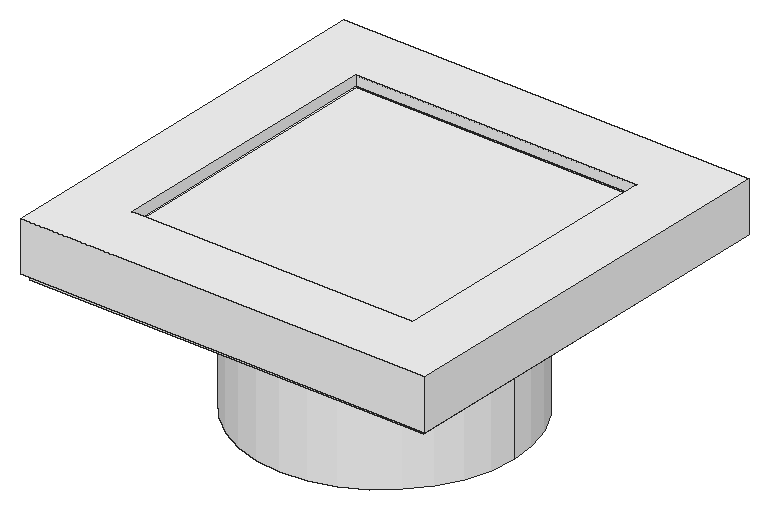
Revit family "Gira_2832005", category Electrical Fixtures, host Face, Revit 2017
Family settings
  Host = Face
  Maintain Annotation Orientation = Yes
  Round Connector Dimension = Use Diameter
  Part Type = Normal
  Cut with Voids When Loaded = No
  Shared = No
  Room Calculation Point = No
Parameters (values of type "Wippschalter BS 3f AusWe System 55 Schwarz m")
  Zusammenstellung = "Basiselement mit Adapterplatte"
  White [instance] = White
  Werkstoffgüte = "sonstige"
  Werkstoff = "sonstige"
  Waschmaschinenschalter = "No"
  URL = "http://katalog.gira.de/de_DE/datenblatt.html?artikelnr=2832005"
  Textfeld/Beschriftungsfläche = "nein"
  Tastschalter = "No"
  Schaltungsart = "Wechselschalter"
  Rückmeldekontakt = "No"
  Region = "DE"
  Oberfläche = "sonstige"
  Nennspannung = "250 Volt"
  Name = "Wippschalter BS 3f AusWe System 55 Schwarz m"
  Montageart = "unter Putz"
  Model = "Sys55_Komplettgerät_Schalten und Tasten"
  Mit Montageplatte = "No"
  Manufacturer URL = "https://www.gira.de/"
  HeinzeBIM = "https://bimportal.heinze.de/bim/wippschalter-bs-3f-auswe-system-55-schwarz-m/54f8a6d33ca1914937fa64749f07fc7af20bedb8"
  Halogenfrei = "Yes"
  HAN = "2832005"
  Geeignet für Schutzart (IP) = "IP20"
  GTIN = "4010337038528"
  Farbe = "schwarz"
  Default Elevation = 1219.2 mm
  Data sheet (1) = "https://katalog.gira.de/de_DE/download.html?artikelnr=2832005"
  Category = "Installationsschalter"
  Bemessungsstrom = "10 Ampere"
  Beleuchtung = "nein"
  Befestigungsart = "Schraubbefestigung"
  Bedienungsart = "Wippe/Taste"
  Available = "Yes"
  Ausführung der Oberfläche = "matt"
  Anzahl der Module (bei Modulbauweise) = "1 "
  Anzahl der Betätigungswippen = "3 "
  Anschlussart = "Schraubklemme"
Reference planes
  plane 1 "Center (Front/Back)": y = 0
  plane 2: z = 0
  plane 3 "Center (Left/Right)": x = 0
Forms (mm)
  Extrusion 1, solid, material "White" <- "White", detail levels medium
    sketch origin (0, 0, 0) x (1, 0, 0) y (0, 1, 0)
      loop
        line (-40.4, 40.4) -> (-40.4, -40.4) -> (40.4, -40.4) -> (40.4, 40.4) -> (-40.4, 40.4)
      loop
        line (-28, 28) -> (-28, -28) -> (28, -28) -> (28, 28) -> (-28, 28)
    from 0 to 10
  Extrusion 2, solid, material "White" <- "White", detail levels fine
    sketch origin (0, 0, 0) x (1, 0, 0) y (0, 1, 0)
      loop
        line (-40.4, 40.4) -> (-40.4, -40.4) -> (40.4, -40.4) -> (40.4, 40.4) -> (-40.4, 40.4)
      loop
        line (-28, 28) -> (-28, -28) -> (28, -28) -> (28, 28) -> (-28, 28)
    from 0 to 10
  Extrusion 3, void
    sketch origin (0, 0, 0) x (1, 0, 0) y (0, 1, 0)
      loop
        line (-38.4, 38.4) -> (-38.4, -38.4) -> (38.4, -38.4) -> (38.4, 38.4) -> (-38.4, 38.4)
    from 0 to 8
  Extrusion 4, solid, material "White" <- "White", detail levels medium+fine
    sketch origin (0, 0, 0) x (1, 0, 0) y (0, 1, 0)
      loop
        line (-39.4, 39.4) -> (-39.4, -39.4) -> (39.4, -39.4) -> (39.4, 39.4) -> (-39.4, 39.4)
    from 0 to -1
  Extrusion 5, solid, material "White" <- "White", detail levels medium+fine
    sketch origin (0, 0, 0) x (1, 0, 0) y (0, 1, 0)
      loop
        line (-35.5, 35.5) -> (-35.5, -35.5) -> (35.5, -35.5) -> (35.5, 35.5) -> (-35.5, 35.5)
    from -2 to -3
  Extrusion 6, solid, material "White" <- "White", detail levels medium+fine
    sketch origin (0, 0, 0) x (1, 0, 0) y (0, 1, 0)
      loop
        circle (0, 0) r 26
    from 0 to -27.5
  Extrusion 7, solid, material "White" <- "White", detail levels coarse
    sketch origin (0, 0, 0) x (1, 0, 0) y (0, 1, 0)
      loop
        line (-40.4, 40.4) -> (-40.4, -40.4) -> (40.4, -40.4) -> (40.4, 40.4) -> (-40.4, 40.4)
    from -27.5 to 10
Cuts and joins
  Extrusion 3 cuts Extrusion 2
Dimensions and locks
  aligned and locked: plane 2 to host face
  aligned and locked: level to host face
  aligned and locked: plane 3 "Center (Left/Right)" to nested 2
  aligned and locked: plane 1 "Center (Front/Back)" to nested 2
Nested families
  nested 1: "Sys55_Abdeckung_Schalten und Tasten_floor_base" at (0, 0, 0), type "Sys55_Abdeckung_Schalten und Tasten_floor_base"
  nested 2: "Schalter" at (0, 0, 0), type "Schalter"
Connectors
  electrical at (0, 0, -27.5)
    settings: on Extrusion 6, index 1, voltage 220 V, apparent load 0 VA, apparent load phase1 0 VA, apparent load phase2 0 VA, apparent load phase3 0 VA, power factor 1, load classification "Other", number of poles 1, system type 30, power factor state 1, is connector primary yes, connector utility no, sub classification motor no, connector description ""
Definition of nested family "Sys55_Abdeckung_Schalten und Tasten_floor_base"
  Parameters
    Default Elevation = 1219.2 mm
    White [instance] = none
  Reference planes
    plane 1 "Center (Front/Back)": y = 0
    plane 2: z = 0
    plane 3 "Center (Left/Right)": x = 0
  Forms (mm)
    Extrusion 1, solid
      sketch origin (0, 0, 0) x (1, 0, 0) y (0, 1, 0)
        loop
          line (-1219.2, 1219.2) -> (-1219.2, -1219.2) -> (1219.2, -1219.2) -> (1219.2, 1219.2) -> (-1219.2, 1219.2)
      from 0 to -304.8
    Extrusion 2, solid, material <- "White", detail levels fine
      sketch origin (0, 0, 0) x (1, 0, 0) y (0, 1, 0)
        loop
          line (-27.5, 27.5) -> (-27.5, -27.5) -> (27.5, -27.5) -> (27.5, 27.5) -> (-27.5, 27.5)
      from 0 to 8
    Extrusion 3, void
      sketch origin (0, 0, 0) x (1, 0, 0) y (0, 1, 0)
        loop
          line (26, 26) -> (-26, 26) -> (-26, -26) -> (26, -26) -> (26, 26)
      from 0 to 6
    Extrusion 4, solid, material <- "White", detail levels medium
      sketch origin (0, 0, 0) x (1, 0, 0) y (0, 1, 0)
        loop
          line (-27.5, 27.5) -> (-27.5, -27.5) -> (27.5, -27.5) -> (27.5, 27.5) -> (-27.5, 27.5)
      from 0 to 8
    Extrusion 5, solid, material <- "White", detail levels medium
      sketch origin (0, 0, 0) x (1, 0, 0) y (0, 1, 0)
        loop
          line (11, -17.5) -> (11, 17.5) -> (-11, 17.5) -> (-11, -17.5) -> (11, -17.5)
      from -6 to 6
    Extrusion 6, solid, material <- "White", detail levels fine
      sketch origin (0, 0, 0) x (1, 0, 0) y (0, 1, 0)
        loop
          line (11, 17.5) -> (-11, 17.5) -> (-11, 16.5) -> (11, 16.5) -> (11, 17.5)
        loop
          line (-11, -16.5) -> (-11, -17.5) -> (11, -17.5) -> (11, -16.5) -> (-11, -16.5)
      from -4 to 6
    Extrusion 7, solid, material <- "White", detail levels fine
      sketch origin (0, 0, 0) x (1, 0, 0) y (0, 1, 0)
        loop
          arc (5, 9.347) -> (0, 10.6) -> (-5, 9.347) r 10.6
          line (-5, 9.347) -> (-5, -9.347)
          arc (-5, -9.347) -> (0, -10.6) -> (5, -9.347) r 10.6
          line (5, -9.347) -> (5, 9.347)
      from -6 to 6
    Extrusion 8, solid, material <- "White", detail levels coarse
      sketch origin (0, 0, 0) x (1, 0, 0) y (0, 1, 0)
        loop
          line (-27.5, 27.5) -> (-27.5, -27.5) -> (27.5, -27.5) -> (27.5, 27.5) -> (-27.5, 27.5)
      from -6 to 8
  Cuts and joins
    Extrusion 3 cuts Extrusion 2
  Dimensions and locks
    aligned and locked: plane 2 to Extrusion 1
    aligned and locked: level to Extrusion 1
Definition of nested family "Schalter"
  Reference planes
    plane 1: y = 0
    plane 2: x = 0
  Lines and regions (mm)
    detail lines
      curve 1: circle (1.375, 2.778, 0) r 0.8 normal (0, 0, 1)
      curve 2: line (1.021, 2.061, 0) -> (0, 0, 0)
      curve 3: line (0, 0, 0) -> (-0.538, 0.266, 0)
  Dimensions and locks
    curve 2 to curve 2 = 2.3 mm
    curve 3 to curve 2 = 0.6 mm
    radius of curve 1 = 0.8 mm
